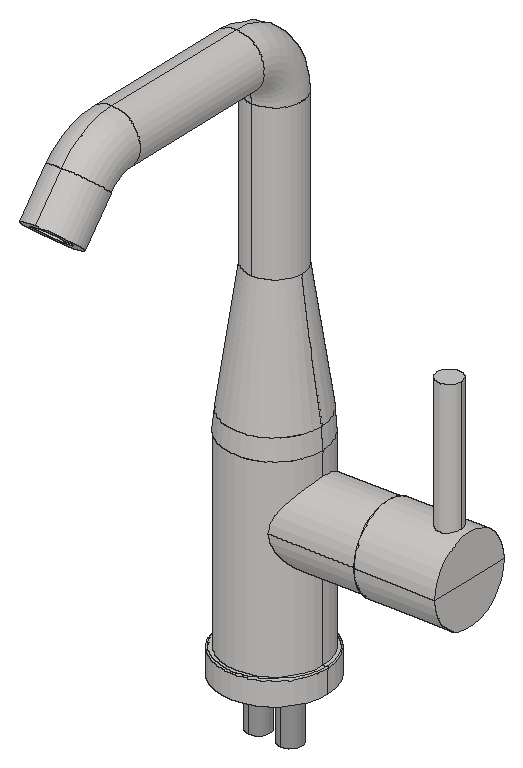
Revit family "PlumbingFixture_GroheLimited_EssenceNewOHMUSpout_32628001_METRIC1", category Plumbing Fixtures, host Face, Revit 2015
Parameters (values of type "32628001")
  _DistributedBy = "www.bimstore.co.uk"
  _CurrentRevision = 1
  _CreatedBy = "www.bimstore.co.uk"
  _BimSpecGuid = 0
  _BSBibleVersion = 14
  _AuthorizedBy = "Kris Atkinson"
  _Author = "Ryan Lashley"
  Waste Connection = no
  WarrantyStartDate [instance] = "Please Record On Commissioning."
  WarrantyGuarantorParts = "info-uk@grohe.com"
  WarrantyGuarantorLabor = "info-uk@grohe.com"
  WarrantyDurationUnit = "Years"
  WarrantyDurationParts = "n/a"
  WarrantyDurationLabor = "n/a"
  WarrantyDescription = "n/a"
  WFU = 0
  Vent Connection = no
  URL = "www.grohe.com"
  TypeName = "Essence Single-lever basin mixer 1/2\" L-Size"
  Type Comments = "32628001"
  SpareParts = "n/a"
  Size = "n/a"
  Shape = "n/a"
  SerialNumber [instance] = "Please Record On Commissioning."
  ReplacementCost = "n/a"
  ReferencedStandard = "n/a"
  ProductionYear = "2017"
  ProductPageURL = "https://www.grohe.co.uk/en_gb/essence-single-lever-basin-mixer-1-2-l-size-32628001.html"
  ProductDocumentationLink = "https://www.grohe.co.uk/en_gb/essence-single-lever-basin-mixer-1-2-l-size-32628001.html"
  PrimaryMaterial = GroheLimited-Chorme
  PipeMaterial = GroheLimited-Pipework
  PercentageOfRecycledContent = "n/a"
  NominalLength = 0 mm
  NominalHeight = 0 mm
  NominalDepth = 0 mm
  NBSReference = "45-35-70/345"
  NBSOfficeMasterTag = "n/a"
  NBSObjectName = "Grohe Limited - Water supply fittings for sinks"
  NBSNote = ""
  NBSDescription = "Water supply fittings for sinks"
  ModelReference = "Essence Single-lever basin mixer 1/2\" L-Size"
  ModelNumber = "32628001"
  Model = "Essence Single-lever basin mixer 1/2\" L-Size"
  Material = "Chrome"
  MasterformatTitle = "Sanitary Facilities"
  MasterformatNumber = "01 52 19"
  ManufacturerName = "Grohe Limited"
  Manufacturer = "Grohe Limited"
  LowEmittingMaterial = no
  LEEDCredit = "n/a"
  Keynote = "N13"
  InstallationDate [instance] = "Please Record On Commissioning."
  IndustryStandards = "n/a"
  IfcExportType = "IfcPipeFittingType"
  IfcExportAs = "IfcPipeFitting"
  HotWaterConnectionDiameter = 10 mm
  HWFU = 4.5
  HW Connection = yes
  Grade = "n/a"
  Finish = "Chrome"
  Features = "This bathroom tap comes with a high spout and a swivel range of up to 360°, providing all the flexibility you need to wash your hair over the basin or brush your teeth. The GROHE SilkMove cartridge ensures a smooth and effortless control of water temperature and volume. Thanks to the integrated GROHE EcoJoy technology, your water consumption will never exceed 6.6 litres per minute, even at full volume, allowing you to save water and cut your utility bill. The waste can be opened and closed conveniently using the pop-up rod at the back of the tap. Finished in GROHE StarLight chrome, this single-lever mixer comes with a rich lustre and is easy for you to clean. Installing it is child's play with the GROHE QuickFix Plus system."
  ExpectedLife = 0
  Ecojoy = no
  DurationUnit = "Years"
  DocumentationTechnical = "n/a"
  DocumentationMaintenance = "n/a"
  DocumentationLiterature = "n/a"
  DocumentationInstallationGuide = "n/a"
  DocumentationCertificates = "n/a"
  Description = "This bathroom tap comes with a high spout and a swivel range of up to 360°, providing all the flexibility you need to wash your hair over the basin or brush your teeth. The GROHE SilkMove cartridge ensures a smooth and effortless control of water temperature and volume. Thanks to the integrated GROHE EcoJoy technology, your water consumption will never exceed 6.6 litres per minute, even at full volume, allowing you to save water and cut your utility bill. The waste can be opened and closed conveniently using the pop-up rod at the back of the tap. Finished in GROHE StarLight chrome, this single-lever mixer comes with a rich lustre and is easy for you to clean. Installing it is child's play with the GROHE QuickFix Plus system."
  Default Elevation = 0 mm
  CreatedOn = "2017-06-01T09:00:00"
  CreatedBy = "info-uk@grohe.com"
  Cost = 0
  Constituents = "n/a"
  Color = "Chrome"
  ColdWaterConnectionDiameter = 10 mm
  CodePerformance = "n/a"
  ClassificationValue = "Pr_40_20_87_82"
  ClassificationName = "Uniclass2015"
  CWFU = 4.5
  CW Connection = yes
  BarCode [instance] = "Please Record On Commissioning."
  BIMObjectName = "PlumbingFixture_GroheLimited_EssenceNewOHMUSpout_32628001_METRIC"
  AssetType = "Fixed"
  AssetIdentifier [instance] = "Please Record On Commissioning."
  Assembly Code = "D2010"
  AccessibilityPerformance = "n/a"
  ADACompliant = no
Types (10, lengths in mm): name | Type Comments | PrimaryMaterial | ModelNumber | Material | Finish | Color
  (no name) | "32628001" | GroheLimited-Chorme | "32628001" | "Chrome" | "Chrome" | "Chrome"
  32628001 | "32628001" | GroheLimited-Chorme | "32628001" | "Chrome" | "Chrome" | "Chrome"
  32628A01 | "32628A01" | GroheLimited-HardGraphite | "32628A01" | "Hard Graphite" | "Hard Graphite" | "Hard Graphite"
  32628AL1 | "32628AL1" | GroheLimited-BrushedHardGraphite | "32628AL1" | "Brushed Hard Graphite" | "Brushed Hard Graphite" | "Brushed Hard Graphite"
  32628BE1 | "32628BE1" | GroheLimited-Nickel | "32628BE1" | "Nickel" | "Nickel" | "Nickel"
  32628DA1 | "32628DA1" | GroheLimited-WarmSunset | "32628DA1" | "Warm Sunset" | "Warm Sunset" | "Warm Sunset"
  32628DL1 | "32628DL1" | GroheLimited-BrushedWarmSunset | "32628DL1" | "Brushed Warm Sunset" | "Brushed Warm Sunset" | "Brushed Warm Sunset"
  32628EN1 | "32628EN1" | GroheLimited-BrushedNickel | "32628EN1" | "Brushed Nickel" | "Brushed Nickel" | "Brushed Nickel"
  32628GL1 | "32628GL1" | GroheLimited-CoolSunrise | "32628GL1" | "Cool Sunrise" | "Cool Sunrise" | "Cool Sunrise"
  32628GN1 | "32628GN1" | GroheLimited-BrushedCoolSunrise | "32628GN1" | "Brushed Cool Sunrise" | "Brushed Cool Sunrise" | "Brushed Cool Sunrise"
Reference planes
  plane 1 "Center (Front/Back)": y = 0
  plane 2: z = 0
  plane 3 "Center (Left/Right)": x = 0
  plane 4: z = 0
  plane 5: z = 10
  plane 6: z = 211
  plane 7: y = -127
  plane 8: z = 62.512
  plane 9: z = 244
Forms (mm)
  Revolve 1, solid, material "GroheLimited-Chorme" <- "PrimaryMaterial"
    sketch origin (-250, 0, 0) x (1, 0, 0) y (0, 0, 1)
      loop
        line (270, 10) -> (270, 88.925)
        arc (270, 88.925) -> (269.819, 93.18) -> (269.276, 97.405) r 50
        arc (269.276, 97.405) -> (265.009, 124.127) -> (261.39, 150.945) r 1117.869
        line (261.39, 150.945) -> (250, 150.945) -> (250, 0) -> (272, 0) -> (272, 9.5)
        arc (272, 9.5) -> (271.854, 9.854) -> (271.5, 10) r 0.5
        line (271.5, 10) -> (270, 10)
      axis (250, 150.945) -> (250, 0)
    angle from 0 to 360
  Sweep 2, solid, material "GroheLimited-Pipework" <- "PipeMaterial"
    path in 3D
      loop
        line (6.565, 0, 0) -> (6.565, 0, -22.649)
    profile origin (6.565, 0, -11.324) x (0, -1, 0) y (1, 0, 0)
      loop
        circle (0, 0) r 4.75
  Sweep 3, solid, material "GroheLimited-Pipework" <- "PipeMaterial"
    path in 3D
      loop
        line (-6.56, 0, 0) -> (-6.56, 0, -22.649)
    profile origin (-6.56, 0, -11.324) x (0, -1, 0) y (1, 0, 0)
      loop
        circle (0, 0) r 4.75
  Sweep 4, solid, material "GroheLimited-Chorme" <- "PrimaryMaterial"
    path in 3D
      loop
        line (0, 0, 150.945) -> (0, 0, 214.199)
        arc (0, 0, 214.199) -> (0, -5.726, 228.024) -> (0, -19.551, 233.75) r 19.551
        line (0, -19.551, 233.75) -> (0, -83.271, 233.75)
        arc (0, -83.271, 233.75) -> (0, -92.753, 231.705) -> (0, -100.548, 225.933) r 23
        line (0, -100.548, 225.933) -> (0, -114, 210.625)
    profile origin (0, 0, 182.572) x (0, -1, 0) y (1, 0, 0)
      loop
        circle (0, 0) r 11.39
  Revolve 5, solid, material "GroheLimited-Chorme" <- "PrimaryMaterial"
    sketch origin (-94.223, -4571.753, 62.512) x (-1, 0, 0) y (0, -1, 0)
      loop
        line (-94.223, -4588.654) -> (-94.223, -4571.753) -> (-174.223, -4571.753) -> (-174.223, -4589.329) -> (-141.078, -4589.329)
        arc (-141.078, -4589.329) -> (-140.768, -4589.121) -> (-140.841, -4588.755) r 0.336
        line (-140.841, -4588.755) -> (-141.645, -4588.654) -> (-94.223, -4588.654)
      axis (-174.223, -4571.753) -> (-94.223, -4571.753)
    angle from 0 to 360
  Extrusion 6, solid, material "GroheLimited-Chorme" <- "PrimaryMaterial"
    sketch origin (-93.911, -4572, 62.512) x (-1, 0, 0) y (0, -1, 0)
      loop
        circle (-165.619, -4572) r 5
    from 0 to 71.553
  Extrusion 7, void
    sketch origin (-3.087, 0, -7.325) x (1, 0, 0) y (0, 0, 1)
      loop
        line (68.123, 140.001) -> (68.123, 129.131)
        arc (68.123, 129.131) -> (71.582, 134.566) -> (68.123, 140.001) r 6
    from -6.478 to 8.27
  Sweep 8, void
    path in 3D
      loop
        line (0, -110.699, 214.381) -> (0, -114, 210.625)
    profile origin (0, -112.35, 212.503) x (0, 0.751165, -0.660115) y (1, 0, 0)
      loop
        circle (0, 0) r 8
  Sweep 9, solid, material "GroheLimited-Chorme" <- "PrimaryMaterial"
    path origin (0, 0, 0) x (0, 1, 0) y (0, 0, 1)
      loop
        line (13.685, 16.349) -> (18.405, 29.318)
        arc (18.405, 29.318) -> (20.236, 31.703) -> (23.104, 32.607) r 5
        line (23.104, 32.607) -> (32.984, 32.607)
    profile origin (0, 16.045, 22.833) x (0, -0.939693, 0.34202) y (1, 0, 0)
      loop
        circle (0, 0) r 2.5
Cuts and joins
  Extrusion 7, Sweep 8 cuts Revolve 1
  Extrusion 7, Sweep 8 cuts Sweep 4
  Extrusion 7, Sweep 8 cuts Revolve 5
  Extrusion 7, Sweep 8 cuts Extrusion 6
  joined: Revolve 1, Sweep 4, Revolve 5, Extrusion 6, Sweep 9
Lines and regions (mm)
  sketch lines
    curve 1: line (6.565, 0, 0) -> (6.565, 0, -22.649)
    curve 2: line (-6.56, 0, 0) -> (-6.56, 0, -22.649)
    curve 3: line (0, 0, 150.945) -> (0, 0, 214.199)
    curve 4: arc (0, 0, 214.199) -> (0, -5.726, 228.024) -> (0, -19.551, 233.75) r 19.551
    curve 5: line (0, -19.551, 233.75) -> (0, -83.271, 233.75)
    curve 6: arc (0, -83.271, 233.75) -> (0, -92.753, 231.705) -> (0, -100.548, 225.933) r 23
    curve 7: line (0, -100.548, 225.933) -> (0, -114, 210.625)
    curve 8: line (0, -110.699, 214.381) -> (0, -114, 210.625)
Dimensions and locks
  plane 6 to host face = 211 mm
  plane 1 "Center (Front/Back)" to plane 7 = 127 mm
  plane 9 to host face = 244 mm
  aligned and locked: plane 2 to host face
  aligned and locked: level to host face
Connectors
  piping at (-6.56, 0, -22.649), diameter 10, driven by "HWFU", driven by "HotWaterConnectionDiameter"
    settings: on Sweep 3, index 1, connector inside diameter 24", connector length 0 mm, flow factor 0, pipe flow 0 GPM, pressure drop 0.00 psi, fitting loss kfactor 0, connector angle 0.00°, fixture units 4.5, engagement length 0 mm, angle of deflection 0.00°, flow configuration 3, flow direction 1, fitting loss method 4, system type 19, joint type 0, gender type 0, connector reference index -1, connector utility 0, adjustable connector no, is connector primary yes, connector description ""
  piping at (6.565, 0, -22.649), diameter 10, driven by "CWFU", driven by "ColdWaterConnectionDiameter"
    settings: on Sweep 2, index 2, connector inside diameter 24", connector length 0 mm, flow factor 0, pipe flow 0 GPM, pressure drop 0.00 psi, fitting loss kfactor 0, connector angle 0.00°, fixture units 4.5, engagement length 0 mm, angle of deflection 0.00°, flow configuration 3, flow direction 1, fitting loss method 4, system type 20, joint type 0, gender type 0, connector reference index -1, connector utility 0, adjustable connector no, is connector primary no, connector description ""
